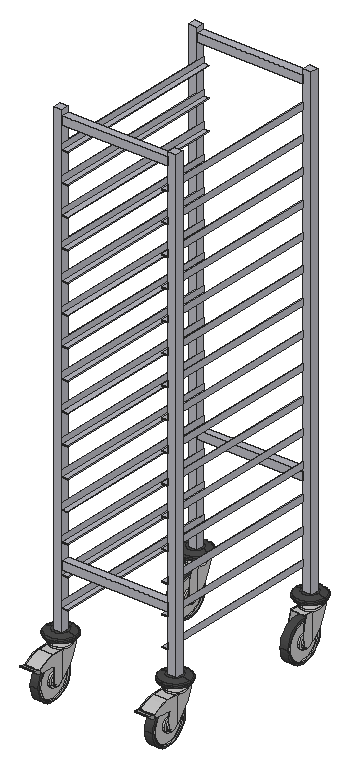
Revit family "QF_BOURGEAT_OPTIMO_Gamme_standard_Démontables", category Equipement spécialisé, Revit 2015
Parameters (values of type "GN1/1-15 niveaux - Espacement 89 mm")
  URL catalogue = "http://www.bourgeat.fr"
  URL = ""
  Type article = ""
  Spécification du Fabricant = "Chariot à glissières démontables"
  Profondeur hors tout = 630 mm
  Profondeur echelle = Profondeur hors tout - 75 mm  # 555 mm
  Poids net à vide = 0.00 kg
  Niveaux = 15
  Modèle = "775615"
  Longueur hors tout = 460 mm
  Hauteur hors tout = 1650 mm
  Hauteur echelle = Hauteur hors tout - 163 mm  # 1487 mm
  Hauteur barre de renfort GN 2 = 492 mm  # constant formula
  Hauteur barre de renfort GN 1 = 358 mm  # constant formula
  Fabricant = "BOURGEAT"
  Entrée = 325 mm
  Description = ""
  Contact SAV = "0033(4).76.32.14.44"
  Type Comments = ""
  Charge maximale = "20 kg par glissière; 200kg par chariot"
  Charge max = 200.00 kg
  Barre renfort = Longueur hors tout - 125 mm  # 335 mm
  Barre de renfort milieu GN2/1 = no
Types (9, lengths in mm): name | Profondeur hors tout | Profondeur echelle | Niveaux | Modèle | Longueur hors tout | Entrée | Barre renfort | Barre de renfort milieu GN2/1
  (no name) | 630 | 555 | 15 | "775615" | 460 | 325 | 335 | no
  GN1/1-15 niveaux - Espacement 89 mm | 630 | 555 | 15 | "775615" | 460 | 325 | 335 | no
  GN1/1-20 niveaux - Espacement 67 mm | 630 | 555 | 20 | "775620" | 460 | 325 | 335 | no
  GN2/1-15 niveaux - Espacement 89 mm | 750 | 675 | 15 | "774615" | 660 | 530 | 535 | yes
  GN2/1-20 niveaux - Espacement 67 mm | 750 | 675 | 20 | "774620" | 660 | 530 | 535 | yes
  "Pâtissier" 600x400-15 niveaux - Espacement 89 mm | 700 | 625 | 15 | "772815" | 530 | 400 | 405 | no
  "Pâtissier" 600x400-20 niveaux - Espacement 67 mm | 700 | 625 | 20 | "772820" | 530 | 400 | 405 | no
  "Pâtissier" 400x600-15 niveaux - Espacement 89 mm | 500 | 425 | 15 | "773815" | 730 | 600 | 605 | no
  "Pâtissier" 400x600-20 niveaux - Espacement 67 mm | 500 | 425 | 20 | "773820" | 730 | 600 | 605 | no
Reference planes
  plane 1 "Centre (avant/arrière)": y = 0
  plane 2: z = 0
  plane 3 "Centre (gauche/droite)": x = 0
  plane 4: y = 315
  plane 5: y = -315
  plane 6: x = -230
  plane 7: x = 230
  plane 8: x = -180
  plane 9: x = 180
  plane 10: y = -265
  plane 11: y = 265
  plane 12: z = 163
  plane 13: z = 1650
  plane 14: z = 492
  plane 15: z = 358
  plane 16: z = 1018
  plane 17: z = 1610
Dimensions and locks
  equal spacing: plane 6, plane 3 "Centre (gauche/droite)", plane 7
  equal spacing: plane 4, plane 1 "Centre (avant/arrière)", plane 5
  "Longueur hors tout": plane 6 to plane 7
  "Profondeur hors tout": plane 4 to plane 5
  locked: plane 4 to plane 11 at 50
  locked: plane 10 to plane 5 at 50
  locked: plane 9 to plane 7 at 50
  locked: plane 6 to plane 8 at 50
  "Hauteur hors tout": plane 13 to level
  "Hauteur barre de renfort GN 2": plane 14 to level
  plane 15 to plane 12 = 195 mm
  locked: plane 16 to plane 12 at 855
  locked: plane 13 to plane 17 at 40
  locked: plane 12 to plane 2 at 163
  "Hauteur barre de renfort GN 1": plane 15 to plane 2
  aligned and locked: level to plane 2
  aligned and locked: plane 11 to nested 3
  aligned and locked: nested 3 to plane 9
  aligned and locked: nested 4 to plane 8
  aligned and locked: plane 11 to nested 4
  aligned and locked: plane 10 to nested 1
  aligned and locked: nested 1 to plane 8
  aligned and locked: plane 10 to nested 2
  aligned and locked: nested 2 to plane 9
  aligned and locked: nested 5 to plane 11
  aligned and locked: nested 5 to plane 14
  aligned and locked: nested 6 to plane 10
  aligned and locked: nested 8 to plane 16
  aligned and locked: nested 8 to plane 10
  aligned and locked: nested 9 to plane 12
  aligned and locked: plane 1 "Centre (avant/arrière)" to nested 9
  aligned and locked: nested 9 to plane 9
  aligned and locked: plane 8 to nested 10
  aligned and locked: nested 10 to plane 12
  aligned and locked: nested 10 to plane 1 "Centre (avant/arrière)"
  aligned and locked: nested 7 to plane 17
  aligned and locked: plane 3 "Centre (gauche/droite)" to nested 7
  aligned and locked: nested 7 to plane 10
  aligned and locked: plane 3 "Centre (gauche/droite)" to nested 11
  aligned and locked: nested 11 to plane 17
  aligned and locked: nested 11 to plane 11
  aligned and locked: nested 6 to plane 15
Nested families
  nested 1: "ROULETTE" at (-180, -265, 0) x (-1, 0, 0) z (0, 0, 1), type "ROULETTE"
    with Sans frein no, Avec frein yes
  nested 2: "ROULETTE" at (180, -265, 0) x (-1, 0, 0) z (0, 0, 1), type "ROULETTE"
    with Sans frein no, Avec frein yes
  nested 3: "ROULETTE" at (180, 265, 0) x (-1, 0, 0) z (0, 0, 1), type "ROULETTE"
    with Sans frein yes, Avec frein no
  nested 4: "ROULETTE" at (-180, 265, 0) x (-1, 0, 0) z (0, 0, 1), type "ROULETTE"
    with Sans frein yes, Avec frein no
  nested 5: "Barre de renfort" at (0, 265, 504.5), type "Barre de renfort"
    with Longueur 335 mm
  nested 6: "Barre de renfort" at (0, -265, 370.5), type "Barre de renfort"
    with Longueur 335 mm
  nested 7: "Barre de renfort" at (0, -265, 1622.5), type "Barre de renfort"
    with Longueur 335 mm
  nested 8: "Barre de renfort" at (0, -265, 1030.5), visible <- "Barre de renfort milieu GN2/1", type "Barre de renfort"
    with Longueur 335 mm
  nested 9: "Echelle soudée droite" at (180, 0, 163) x (0, -1, 0) z (0, 0, 1), Hauteur <- "Hauteur echelle", Niveaux <- "Niveaux", type "Echelle soudée droite"
    with Niveaux 15, Hauteur 1487 mm, Profondeur 555 mm
  nested 10: "Echelle soudée droite" at (-180, 0, 163) x (0, 1, 0) z (0, 0, 1), Hauteur <- "Hauteur echelle", Niveaux <- "Niveaux", type "Echelle soudée droite"
    with Niveaux 15, Hauteur 1487 mm, Profondeur 555 mm
  nested 11: "Barre de renfort" at (0, 265, 1622.5), type "Barre de renfort"
    with Longueur 335 mm
Definition of nested family "ROULETTE"
  Parameters (values of type "ROULETTE")
    Sans frein [instance] = yes
    Avec frein [instance] = yes
  Reference planes
    plane 1 "Centre (avant/arrière)": y = 0
    plane 2: z = 0
    plane 3 "Centre (gauche/droite)": x = 0
    plane 4: y = 40.851
    plane 5: z = 62.5
  Forms (mm)
    Extrusion 1, solid
      sketch origin (0, 0, 0) x (0, 1, 0) y (0, 0, 1)
        loop
          circle (40.851, 62.5) r 62.5
        loop
          circle (40.851, 62.5) r 57.5
      from -12.5 to 12.5
    Revolve 2, solid
      sketch origin (0, 0, 30.333) x (1, 0, 0) y (0, 0, 1)
        loop
          line (0, 151.667) -> (-25, 151.667) -> (-45.338, 146.217)
          arc (-45.338, 146.217) -> (-46.897, 145.175) -> (-47.5, 143.4) r 2.917
          line (-47.5, 143.4) -> (-47.5, 138.833)
          arc (-47.5, 138.833) -> (-47.012, 137.655) -> (-45.833, 137.167) r 1.667
          line (-45.833, 137.167) -> (-24.607, 137.167) -> (-24, 132.667) -> (0, 132.667) -> (0, 151.667)
        axis (0, 151.667) -> (0, 132.667)
      angle from 0 to 360
    Revolve 3, solid
      sketch origin (0, 0, 0) x (0, 1, 0) y (0, 0, 1)
        loop
          line (0, 163) -> (-20.149, 163) -> (-20.149, 159.41) -> (-21.6, 159.41)
          arc (-21.6, 159.41) -> (-24.448, 158.65) -> (-26.537, 156.572) r 5.712
          line (-26.537, 156.572) -> (-30.146, 147.743) -> (-26.999, 147.062) -> (-26.999, 146.112)
          arc (-26.999, 146.112) -> (-27.23, 145.314) -> (-27.849, 144.761) r 1.5
          arc (-27.849, 144.761) -> (-29.223, 143.633) -> (-29.923, 142) r 3.75
          line (-29.923, 142) -> (0, 142) -> (0, 163)
        axis (0, 163) -> (0, 142)
      angle from 0 to 360
    Extrusion 4, solid
      sketch origin (0, 0, 0) x (0, 1, 0) y (0, 0, -1)
        loop
          line (-29.974, -138.241) -> (-29.974, -142) -> (21.747, -142) -> (21.747, -60.336)
          arc (21.747, -60.336) -> (10.272, -70.702) -> (-0.149, -82.127) r 160.057
          arc (-0.149, -82.127) -> (-17.883, -108.684) -> (-29.974, -138.241) r 159.585
      from -24.913 to -23.038
    Extrusion 5, solid
      sketch origin (0, 0, 0) x (0, 1, 0) y (0, 0, 1)
        loop
          line (-29.974, 142) -> (-29.974, 140.869) -> (21.747, 140.869) -> (21.747, 142) -> (-29.974, 142)
      from -23.038 to 23.038
    Extrusion 6, solid
      sketch origin (0, 0, 0) x (0, 1, 0) y (0, 0, 1)
        loop
          circle (40.851, 62.5) r 57.5
        loop
          circle (40.851, 62.5) r 55
      from -12.5 to 12.5
    Extrusion 7, solid
      sketch origin (0, 0, 0) x (0, 1, 0) y (0, 0, 1)
        loop
          circle (40.851, 62.5) r 55
      from -7 to 7
    Extrusion 8, solid
      sketch origin (0, 0, 0) x (0, 1, 0) y (0, 0, 1)
        loop
          circle (40.851, 62.5) r 21
      from 7 to 15
    Extrusion 9, solid
      sketch origin (0, 0, 0) x (0, 1, 0) y (0, 0, -1)
        loop
          circle (40.851, -62.5) r 16
      from -23.038 to -15
    Extrusion 10, solid, visible <- "Sans frein"
      sketch origin (0, 0, 0) x (0, 1, 0) y (0, 0, 1)
        loop
          arc (21.747, 60.336) -> (23.188, 59.17) -> (24.642, 58.02) r 161.23
          arc (24.642, 58.02) -> (29.34, 54.513) -> (34.187, 51.216) r 133.333
          arc (34.187, 51.216) -> (46.517, 50.3) -> (53.927, 60.198) r 12.867
          arc (53.927, 60.198) -> (54.714, 99.183) -> (46.119, 137.216) r 161.222
          arc (46.119, 137.216) -> (45.679, 138.887) -> (45.531, 140.609) r 10.076
          line (45.531, 140.609) -> (45.531, 142) -> (21.747, 142) -> (21.747, 60.336)
      from 23.038 to 24.913
    Extrusion 11, solid, visible <- "Sans frein"
      sketch origin (0, 0, 0) x (0, 1, 0) y (0, 0, 1)
        loop
          line (21.747, 142) -> (21.747, 140.701) -> (48.851, 140.701) -> (48.851, 142) -> (21.747, 142)
      from -23.038 to 23.038
    Extrusion 12, solid, visible <- "Avec frein"
      sketch origin (0, 0, 0) x (0, 1, 0) y (0, 0, 1)
        loop
          line (21.747, 142) -> (21.747, 60.336)
          arc (21.747, 60.336) -> (23.177, 59.179) -> (24.62, 58.038) r 160.008
          arc (24.62, 58.038) -> (29.041, 54.705) -> (33.574, 51.527) r 160
          arc (33.574, 51.527) -> (46.135, 50.422) -> (53.724, 60.491) r 13
          arc (53.724, 60.491) -> (55.279, 82.092) -> (53.902, 103.704) r 160
          arc (53.902, 103.704) -> (55.53, 108.653) -> (60.415, 110.463) r 6
          arc (60.415, 110.463) -> (80.625, 109.924) -> (100.725, 112.107) r 150
          arc (100.725, 112.107) -> (104.408, 113.406) -> (107.479, 115.819) r 12
          line (107.479, 115.819) -> (110.851, 121.523)
          arc (110.851, 121.523) -> (85.913, 134.651) -> (58.706, 142) r 127.902
          line (58.706, 142) -> (21.747, 142)
      from 23.038 to 24.913
    Extrusion 13, solid, visible <- "Avec frein"
      sketch origin (0, 0, 0) x (0, 1, 0) y (0, 0, 1)
        loop
          line (58.706, 142) -> (21.747, 142) -> (21.747, 140) -> (58.552, 140)
          arc (58.552, 140) -> (85.253, 132.762) -> (109.73, 119.866) r 125.902
          line (109.73, 119.866) -> (110.851, 121.523)
          arc (110.851, 121.523) -> (85.913, 134.651) -> (58.706, 142) r 127.902
      from -23.038 to 23.038
    Extrusion 14, solid, visible <- "Avec frein"
      sketch origin (0, 19.896, 18.175) x (0, 1, 0) y (0, 0, 1)
        loop
          line (87.583, 97.644) -> (91.829, 95.227)
          arc (91.829, 95.227) -> (93.8, 95.006) -> (95.312, 96.29) r 2.5
          arc (95.312, 96.29) -> (103.495, 100.002) -> (111.176, 104.666) r 74.999
          line (111.176, 104.666) -> (110.852, 105.929)
          arc (110.852, 105.929) -> (110.04, 107.086) -> (108.666, 107.417) r 2
          arc (108.666, 107.417) -> (101.396, 105.849) -> (94.512, 103.034) r 42.354
          line (94.512, 103.034) -> (93.479, 101.228) -> (93.285, 100.414) -> (91.69, 101.675) -> (90.401, 102.412) -> (87.583, 97.644)
      from -23.038 to 23.038
    Extrusion 15, solid, not visible
      sketch origin (0, 0, 0) x (0, 1, 0) y (0, 0, 1)
        loop
          circle (34.167, 52.083) r 52.083
        loop
          circle (34.167, 52.083) r 47.917
      from -12.5 to 12.5
    Revolve 16, solid, not visible
      sketch origin (0, 0, 0) x (1, 0, 0) y (0, 0, 1)
        loop
          line (0, 151.667) -> (-20.833, 151.667) -> (-37.422, 147.222)
          arc (-37.422, 147.222) -> (-38.981, 146.18) -> (-39.583, 144.405) r 2.917
          line (-39.583, 144.405) -> (-39.583, 141.25)
          arc (-39.583, 141.25) -> (-39.095, 140.071) -> (-37.917, 139.583) r 1.667
          line (-37.917, 139.583) -> (-20.506, 139.583) -> (-20, 135.833) -> (0, 135.833) -> (0, 151.667)
        axis (0, 151.667) -> (0, 135.833)
      angle from 0 to 360
    Revolve 17, solid, not visible
      sketch origin (0, 0, 0) x (0, 1, 0) y (0, 0, 1)
        loop
          line (-16.667, 135.833) -> (-16.667, 132.842) -> (-17.876, 132.842)
          arc (-17.876, 132.842) -> (-20.158, 132.259) -> (-21.881, 130.654) r 4.76
          arc (-21.881, 130.654) -> (-23.777, 127.026) -> (-24.997, 123.12) r 22.917
          line (-24.997, 123.12) -> (-22.375, 122.552) -> (-22.375, 121.76)
          arc (-22.375, 121.76) -> (-22.567, 121.095) -> (-23.083, 120.634) r 1.25
          arc (-23.083, 120.634) -> (-24.375, 119.481) -> (-24.854, 117.818) r 3.125
          line (-24.854, 117.818) -> (0, 117.818) -> (0, 135.833) -> (-16.667, 135.833)
        axis (0, 135.833) -> (0, 117.818)
      angle from 0 to 360
    Extrusion 18, solid, not visible
      sketch origin (0, 0, 0) x (0, 1, 0) y (0, 0, -1)
        loop
          line (-24.854, -115.199) -> (-24.854, -117.818) -> (18.247, -117.818) -> (18.247, -50.28) -> (15.456, -52.631) -> (0, -68.439)
          arc (0, -68.439) -> (-14.771, -90.573) -> (-24.854, -115.199) r 133.414
      from -24.913 to -23.038
    Extrusion 19, solid, not visible
      sketch origin (0, 0, 0) x (0, 1, 0) y (0, 0, 1)
        loop
          line (-24.854, 117.818) -> (-24.854, 116.875) -> (18.247, 116.875) -> (18.247, 117.818) -> (-24.854, 117.818)
      from -23.038 to 23.038
    Extrusion 20, solid, not visible
      sketch origin (0, 0, 0) x (0, 1, 0) y (0, 0, 1)
        loop
          circle (34.167, 52.083) r 47.917
        loop
          circle (34.167, 52.083) r 45.833
      from -12.5 to 12.5
    Extrusion 21, solid, not visible
      sketch origin (0, 0, 0) x (0, 1, 0) y (0, 0, 1)
        loop
          circle (34.167, 52.083) r 45.833
        loop
          circle (34.167, 52.083) r 17.5
      from -7 to 7
    Extrusion 22, solid, not visible
      sketch origin (0, 0, 0) x (0, 1, 0) y (0, 0, 1)
        loop
          circle (34.167, 52.083) r 17.5
      from -15 to 15
    Extrusion 23, solid, not visible
      sketch origin (0, 0, 0) x (0, 1, 0) y (0, 0, 1)
        loop
          circle (34.167, 52.083) r 12.5
      from -23.038 to -15
    Extrusion 24, solid, not visible
      sketch origin (0, 0, 0) x (0, 1, 0) y (0, 0, -1)
        loop
          circle (34.167, -52.083) r 12.5
      from -23.038 to -15
    Extrusion 25, solid, not visible
      sketch origin (0, 0, 0) x (0, 1, 0) y (0, 0, 1)
        loop
          arc (-24.854, 115.199) -> (-14.771, 90.573) -> (0, 68.439) r 133.414
          line (0, 68.439) -> (15.456, 52.631) -> (18.247, 50.28) -> (18.247, 117.818) -> (-24.854, 117.818) -> (-24.854, 115.199)
      from -24.913 to -23.038
    Extrusion 26, solid, visible <- "Sans frein", not visible
      sketch origin (0, 0, 0) x (0, 1, 0) y (0, 0, 1)
        loop
          arc (18.247, 50.28) -> (19.439, 49.316) -> (20.641, 48.365) r 133.34
          arc (20.641, 48.365) -> (24.325, 45.588) -> (28.103, 42.939) r 133.333
          arc (28.103, 42.939) -> (38.57, 42.018) -> (44.895, 50.409) r 10.833
          arc (44.895, 50.409) -> (45.499, 82.529) -> (38.403, 113.861) r 133.333
          arc (38.403, 113.861) -> (38.039, 115.243) -> (37.917, 116.667) r 8.333
          line (37.917, 116.667) -> (37.917, 117.818) -> (18.247, 117.818) -> (18.247, 50.28)
      from 23.038 to 24.913
    Extrusion 27, solid, visible <- "Sans frein", not visible
      sketch origin (0, 0, 0) x (0, 1, 0) y (0, 0, -1)
        loop
          line (18.247, -50.28) -> (18.247, -117.818) -> (37.917, -117.818) -> (37.917, -116.667)
          arc (37.917, -116.667) -> (38.039, -115.243) -> (38.403, -113.861) r 8.333
          arc (38.403, -113.861) -> (45.499, -82.529) -> (44.895, -50.409) r 133.333
          arc (44.895, -50.409) -> (38.57, -42.018) -> (28.103, -42.939) r 10.833
          arc (28.103, -42.939) -> (24.325, -45.588) -> (20.641, -48.365) r 133.333
          arc (20.641, -48.365) -> (19.439, -49.316) -> (18.247, -50.28) r 133.34
      from 23.038 to 24.913
    Extrusion 28, solid, visible <- "Sans frein", not visible
      sketch origin (0, 0, 0) x (0, 1, 0) y (0, 0, 1)
        loop
          line (18.247, 117.818) -> (18.247, 116.875) -> (37.917, 116.875) -> (37.917, 117.818) -> (18.247, 117.818)
      from -23.038 to 23.038
    Extrusion 29, solid, visible <- "Avec frein", not visible
      sketch origin (0, 0, 0) x (0, 1, 0) y (0, 0, 1)
        loop
          arc (18.247, 50.28) -> (19.439, 49.316) -> (20.641, 48.365) r 133.34
          arc (20.641, 48.365) -> (24.325, 45.588) -> (28.103, 42.939) r 133.333
          arc (28.103, 42.939) -> (38.57, 42.018) -> (44.895, 50.409) r 10.833
          arc (44.895, 50.409) -> (46.191, 68.96) -> (44.895, 87.51) r 133.333
          arc (44.895, 87.51) -> (46.675, 90.916) -> (50.346, 92.053) r 5
          arc (50.346, 92.053) -> (67.188, 91.603) -> (83.937, 93.422) r 125
          arc (83.937, 93.422) -> (87.006, 94.505) -> (89.566, 96.516) r 10
          line (89.566, 96.516) -> (92.375, 101.269) -> (92.894, 102.146)
          arc (92.894, 102.146) -> (72.773, 111.524) -> (51.484, 117.818) r 149.407
          line (51.484, 117.818) -> (18.247, 117.818) -> (18.247, 50.28)
      from 23.038 to 24.913
    Extrusion 30, solid, visible <- "Avec frein", not visible
      sketch origin (0, 0, 0) x (0, 1, 0) y (0, 0, 1)
        loop
          line (18.247, 117.818) -> (18.247, 116.918) -> (51.387, 116.918)
          arc (51.387, 116.918) -> (72.489, 110.669) -> (92.436, 101.371) r 148.507
          line (92.436, 101.371) -> (92.894, 102.146)
          arc (92.894, 102.146) -> (72.773, 111.524) -> (51.484, 117.818) r 149.407
          line (51.484, 117.818) -> (18.247, 117.818)
      from -23.038 to 23.038
    Extrusion 31, solid, visible <- "Avec frein", not visible
      sketch origin (0, 0, 0) x (0, 1, 0) y (0, 0, -1)
        loop
          line (18.247, -50.28) -> (18.247, -117.818) -> (51.484, -117.818)
          arc (51.484, -117.818) -> (72.773, -111.524) -> (92.894, -102.146) r 149.407
          line (92.894, -102.146) -> (92.375, -101.269) -> (89.566, -96.516)
          arc (89.566, -96.516) -> (87.006, -94.505) -> (83.937, -93.422) r 10
          arc (83.937, -93.422) -> (67.188, -91.603) -> (50.346, -92.053) r 125
          arc (50.346, -92.053) -> (46.675, -90.916) -> (44.895, -87.51) r 5
          arc (44.895, -87.51) -> (46.191, -68.96) -> (44.895, -50.409) r 133.333
          arc (44.895, -50.409) -> (38.57, -42.018) -> (28.103, -42.939) r 10.833
          arc (28.103, -42.939) -> (24.325, -45.588) -> (20.641, -48.365) r 133.333
          arc (20.641, -48.365) -> (19.439, -49.316) -> (18.247, -50.28) r 133.34
      from 23.038 to 24.913
    Extrusion 32, solid, visible <- "Avec frein", not visible
      sketch origin (0, 0, 0) x (0, 1, 0) y (0, 0, 1)
        loop
          line (92.988, 99.875) -> (89.934, 101.621) -> (87.583, 97.644) -> (93.104, 94.501)
          arc (93.104, 94.501) -> (94.747, 94.317) -> (96.006, 95.387) r 2.083
          arc (96.006, 95.387) -> (102.826, 98.48) -> (109.226, 102.367) r 62.499
          line (109.226, 102.367) -> (108.956, 103.42)
          arc (108.956, 103.42) -> (108.28, 104.384) -> (107.135, 104.66) r 1.667
          arc (107.135, 104.66) -> (101.536, 103.565) -> (96.139, 101.716) r 41.633
          arc (96.139, 101.716) -> (95.681, 101.427) -> (95.34, 101.007) r 1.667
          line (95.34, 101.007) -> (94.162, 98.947) -> (92.988, 99.875)
      from -23.038 to 23.038
    Extrusion 33, solid, not visible
      sketch origin (0, 0, 0) x (0, 1, 0) y (0, 0, -1)
        loop
          line (-29.974, -138.241) -> (-29.974, -142) -> (21.747, -142) -> (21.747, -60.336)
          arc (21.747, -60.336) -> (10.272, -70.702) -> (-0.149, -82.127) r 160.057
          arc (-0.149, -82.127) -> (-17.883, -108.684) -> (-29.974, -138.241) r 159.585
      from -24.913 to -23.038
    Extrusion 34, solid, not visible
      sketch origin (0, 0, 0) x (0, 1, 0) y (0, 0, 1)
        loop
          circle (40.851, 62.5) r 21
      from 7 to 15
    Extrusion 35, solid, not visible
      sketch origin (0, 0, 0) x (0, 1, 0) y (0, 0, -1)
        loop
          circle (40.851, -62.5) r 16
      from -23.038 to -15
    Extrusion 36, solid, visible <- "Sans frein", not visible
      sketch origin (0, 0, 0) x (0, 1, 0) y (0, 0, 1)
        loop
          arc (21.747, 60.336) -> (23.188, 59.17) -> (24.642, 58.02) r 161.23
          arc (24.642, 58.02) -> (29.34, 54.513) -> (34.187, 51.216) r 133.333
          arc (34.187, 51.216) -> (46.517, 50.3) -> (53.927, 60.198) r 12.867
          arc (53.927, 60.198) -> (54.714, 99.183) -> (46.119, 137.216) r 161.222
          arc (46.119, 137.216) -> (45.679, 138.887) -> (45.531, 140.609) r 10.076
          line (45.531, 140.609) -> (45.531, 142) -> (21.747, 142) -> (21.747, 60.336)
      from 23.038 to 24.913
    Extrusion 37, solid, visible <- "Avec frein", not visible
      sketch origin (0, 0, 0) x (0, 1, 0) y (0, 0, 1)
        loop
          line (21.747, 142) -> (21.747, 60.336)
          arc (21.747, 60.336) -> (23.177, 59.179) -> (24.62, 58.038) r 160.008
          arc (24.62, 58.038) -> (29.041, 54.705) -> (33.574, 51.527) r 160
          arc (33.574, 51.527) -> (46.135, 50.422) -> (53.724, 60.491) r 13
          arc (53.724, 60.491) -> (55.279, 82.092) -> (53.902, 103.704) r 160
          arc (53.902, 103.704) -> (55.53, 108.653) -> (60.415, 110.463) r 6
          arc (60.415, 110.463) -> (80.625, 109.924) -> (100.725, 112.107) r 150
          arc (100.725, 112.107) -> (104.408, 113.406) -> (107.479, 115.819) r 12
          line (107.479, 115.819) -> (110.851, 121.523)
          arc (110.851, 121.523) -> (85.913, 134.651) -> (58.706, 142) r 127.902
          line (58.706, 142) -> (21.747, 142)
      from 23.038 to 24.913
    Extrusion 38, solid
      sketch origin (0, 0, 0) x (0, -1, 0) y (0, 0, -1)
        loop
          arc (29.974, -138.241) -> (17.883, -108.684) -> (0.149, -82.127) r 159.585
          arc (0.149, -82.127) -> (-10.272, -70.702) -> (-21.747, -60.336) r 160.057
          line (-21.747, -60.336) -> (-21.747, -142) -> (29.974, -142) -> (29.974, -138.241)
      from -24.913 to -23.038
    Extrusion 39, solid
      sketch origin (0, 0, 0) x (0, -1, 0) y (0, 0, 1)
        loop
          circle (-40.851, 62.5) r 21
      from 7 to 15
    Extrusion 40, solid
      sketch origin (0, 0, 0) x (0, -1, 0) y (0, 0, -1)
        loop
          circle (-40.851, -62.5) r 16
      from -23.038 to -15
    Extrusion 41, solid, visible <- "Sans frein"
      sketch origin (0, 0, 0) x (0, -1, 0) y (0, 0, 1)
        loop
          line (-21.747, 60.336) -> (-21.747, 142) -> (-45.531, 142) -> (-45.531, 140.609)
          arc (-45.531, 140.609) -> (-45.679, 138.887) -> (-46.119, 137.216) r 10.076
          arc (-46.119, 137.216) -> (-54.714, 99.183) -> (-53.927, 60.198) r 161.222
          arc (-53.927, 60.198) -> (-46.517, 50.3) -> (-34.187, 51.216) r 12.867
          arc (-34.187, 51.216) -> (-29.34, 54.513) -> (-24.642, 58.02) r 133.333
          arc (-24.642, 58.02) -> (-23.188, 59.17) -> (-21.747, 60.336) r 161.23
      from 23.038 to 24.913
    Extrusion 42, solid, visible <- "Avec frein"
      sketch origin (0, 0, 0) x (0, -1, 0) y (0, 0, 1)
        loop
          line (-21.747, 142) -> (-58.706, 142)
          arc (-58.706, 142) -> (-85.913, 134.651) -> (-110.851, 121.523) r 127.902
          line (-110.851, 121.523) -> (-107.479, 115.819)
          arc (-107.479, 115.819) -> (-104.408, 113.406) -> (-100.725, 112.107) r 12
          arc (-100.725, 112.107) -> (-80.625, 109.924) -> (-60.415, 110.463) r 150
          arc (-60.415, 110.463) -> (-55.53, 108.653) -> (-53.902, 103.704) r 6
          arc (-53.902, 103.704) -> (-55.279, 82.092) -> (-53.724, 60.491) r 160
          arc (-53.724, 60.491) -> (-46.135, 50.422) -> (-33.574, 51.527) r 13
          arc (-33.574, 51.527) -> (-29.041, 54.705) -> (-24.62, 58.038) r 160
          arc (-24.62, 58.038) -> (-23.177, 59.179) -> (-21.747, 60.336) r 160.008
          line (-21.747, 60.336) -> (-21.747, 142)
      from 23.038 to 24.913
  Dimensions and locks
    aligned and locked: level to plane 2
Definition of nested family "Barre de renfort"
  Parameters (values of type "Barre de renfort")
    Longueur = 1240 mm
  Reference planes
    plane 1 "Centre (avant/arrière)": y = 0
    plane 2: z = 0
    plane 3 "Centre (gauche/droite)": x = 0
    plane 4: x = -620
    plane 5: x = 620
  Forms (mm)
    Extrusion 1, solid
      sketch origin (0, 0, 0) x (0, 1, 0) y (0, 0, 1)
        loop
          line (-12.5, 12.5) -> (-12.5, -12.5) -> (12.5, -12.5) -> (12.5, 12.5) -> (-12.5, 12.5)
      from -620 to 620
  Dimensions and locks
    equal spacing: plane 4, plane 3 "Centre (gauche/droite)", plane 5
    "Longueur": plane 4 to plane 5
    aligned and locked: level to plane 2
    aligned and locked: plane 5 to Extrusion 1
    aligned and locked: Extrusion 1 to plane 4
  Automatic sketch dimensions
    plane 1 "Centre (avant/arrière)" to Extrusion 1 sketch curve = 12.5 mm
    Extrusion 1 sketch curve to plane 1 "Centre (avant/arrière)" = 12.5 mm
    Extrusion 1 sketch curve to level = 12.5 mm
    level to Extrusion 1 sketch curve = 12.5 mm
Definition of nested family "Echelle soudée droite"
  Parameters (values of type "Echelle soudée droite")
    Profondeur = 675 mm
    Niveaux [instance] = 20
    Hauteur [instance] = 1200 mm
  Reference planes
    plane 1 "Centre (avant/arrière)": y = 0
    plane 2: z = 0
    plane 3 "Centre (gauche/droite)": x = 0
    plane 4: x = -337.5
    plane 5: x = 337.5
    plane 6: z = 1200
    plane 7: z = 1107
    plane 8: z = 107.333
  Forms (mm)
    Extrusion 1, solid
      sketch origin (0, 0, 0) x (1, 0, 0) y (0, 1, 0)
        loop
          line (-337.5, 12.5) -> (-337.5, -12.5) -> (-312.5, -12.5) -> (-312.5, 12.5) -> (-337.5, 12.5)
        loop
          line (337.5, -12.5) -> (337.5, 12.5) -> (312.5, 12.5) -> (312.5, -12.5) -> (337.5, -12.5)
      from 0 to 1200
  Dimensions and locks
    "Profondeur": plane 5 to plane 4
    "Hauteur": plane 6 to level
    locked: plane 8 to plane 2 at 107.333
    locked: plane 6 to plane 7 at 93
    equal spacing: group 1, group 3, group 4, group 5, group 6, group 7, group 8, group 9, group 10, group 11, group 12, group 13, group 14, group 15, group 16, group 17, group 18, group 19, group 20, group 2  (x3)
    equal spacing: plane 5, plane 3 "Centre (gauche/droite)", plane 4
    aligned and locked: level to plane 2
    aligned and locked: plane 8 to nested 1
    aligned and locked: plane 7 to nested 2
    aligned and locked: Extrusion 1 to level
    aligned and locked: plane 6 to Extrusion 1
  Automatic sketch dimensions
    Extrusion 1 sketch curve to plane 1 "Centre (avant/arrière)" = 12.5 mm  (x2)
    plane 4 to Extrusion 1 sketch curve = 25 mm
    plane 4 to Extrusion 1 sketch curve = 0 mm
    plane 1 "Centre (avant/arrière)" to Extrusion 1 sketch curve = 12.5 mm  (x2)
    Extrusion 1 sketch curve to Extrusion 1 sketch curve = 25 mm
    Extrusion 1 sketch curve to plane 5 = 0 mm
  Nested families
    nested 1: "GLISSIERE" at (0, -12.5, 87.333), Long Rail <- "Profondeur", type "GLISSIERE"
      with Long Rail 675 mm
    nested 2: "GLISSIERE" at (0, -12.5, 1087), Long Rail <- "Profondeur", type "GLISSIERE"
      with Long Rail 675 mm
    nested 3: "GLISSIERE" at (0, -12.5, 139.947), Long Rail <- "Profondeur", type "GLISSIERE"
      with Long Rail 675 mm
    nested 4: "GLISSIERE" at (0, -12.5, 192.561), Long Rail <- "Profondeur", type "GLISSIERE"
      with Long Rail 675 mm
    nested 5: "GLISSIERE" at (0, -12.5, 245.175), Long Rail <- "Profondeur", type "GLISSIERE"
      with Long Rail 675 mm
    nested 6: "GLISSIERE" at (0, -12.5, 297.789), Long Rail <- "Profondeur", type "GLISSIERE"
      with Long Rail 675 mm
    nested 7: "GLISSIERE" at (0, -12.5, 350.404), Long Rail <- "Profondeur", type "GLISSIERE"
      with Long Rail 675 mm
    nested 8: "GLISSIERE" at (0, -12.5, 403.018), Long Rail <- "Profondeur", type "GLISSIERE"
      with Long Rail 675 mm
    nested 9: "GLISSIERE" at (0, -12.5, 455.632), Long Rail <- "Profondeur", type "GLISSIERE"
      with Long Rail 675 mm
    nested 10: "GLISSIERE" at (0, -12.5, 508.246), Long Rail <- "Profondeur", type "GLISSIERE"
      with Long Rail 675 mm
    nested 11: "GLISSIERE" at (0, -12.5, 560.86), Long Rail <- "Profondeur", type "GLISSIERE"
      with Long Rail 675 mm
    nested 12: "GLISSIERE" at (0, -12.5, 613.474), Long Rail <- "Profondeur", type "GLISSIERE"
      with Long Rail 675 mm
    nested 13: "GLISSIERE" at (0, -12.5, 666.088), Long Rail <- "Profondeur", type "GLISSIERE"
      with Long Rail 675 mm
    nested 14: "GLISSIERE" at (0, -12.5, 718.702), Long Rail <- "Profondeur", type "GLISSIERE"
      with Long Rail 675 mm
    nested 15: "GLISSIERE" at (0, -12.5, 771.316), Long Rail <- "Profondeur", type "GLISSIERE"
      with Long Rail 675 mm
    nested 16: "GLISSIERE" at (0, -12.5, 823.93), Long Rail <- "Profondeur", type "GLISSIERE"
      with Long Rail 675 mm
    nested 17: "GLISSIERE" at (0, -12.5, 876.544), Long Rail <- "Profondeur", type "GLISSIERE"
      with Long Rail 675 mm
    nested 18: "GLISSIERE" at (0, -12.5, 929.158), Long Rail <- "Profondeur", type "GLISSIERE"
      with Long Rail 675 mm
    nested 19: "GLISSIERE" at (0, -12.5, 981.772), Long Rail <- "Profondeur", type "GLISSIERE"
      with Long Rail 675 mm
    nested 20: "GLISSIERE" at (0, -12.5, 1034.386), Long Rail <- "Profondeur", type "GLISSIERE"
      with Long Rail 675 mm
  Definition of nested family "GLISSIERE"
    Parameters (values of type "GLISSIERE")
      Long Rail [instance] = 1000 mm
      Finition = none
    Reference planes
      plane 1 "Centre (avant/arrière)": y = 0
      plane 2: z = 0
      plane 3 "Centre (gauche/droite)": x = 0
      plane 4: x = -500
      plane 5: x = 500
    Forms (mm)
      Extrusion 1, solid, material <- "Finition"
        sketch origin (0, 0, 0) x (0, 1, 0) y (0, 0, 1)
          loop
            line (0, 20) -> (-2, 20) -> (-2, 2) -> (-20, 2) -> (-20, 0) -> (0, 0) -> (0, 20)
        from -500 to 500
    Dimensions and locks
      equal spacing: plane 4, plane 3 "Centre (gauche/droite)", plane 5
      "Long Rail": plane 4 to plane 5
      aligned and locked: level to plane 2
      aligned and locked: Extrusion 1 to plane 4
      aligned and locked: plane 5 to Extrusion 1
    Automatic sketch dimensions
      plane 1 "Centre (avant/arrière)" to Extrusion 1 sketch curve = 2 mm
      level to Extrusion 1 sketch curve = 2 mm
      Extrusion 1 sketch curve to Extrusion 1 sketch curve = 18 mm  (x2)
      Extrusion 1 sketch curve to plane 1 "Centre (avant/arrière)" = 0 mm
      Extrusion 1 sketch curve to level = 0 mm
